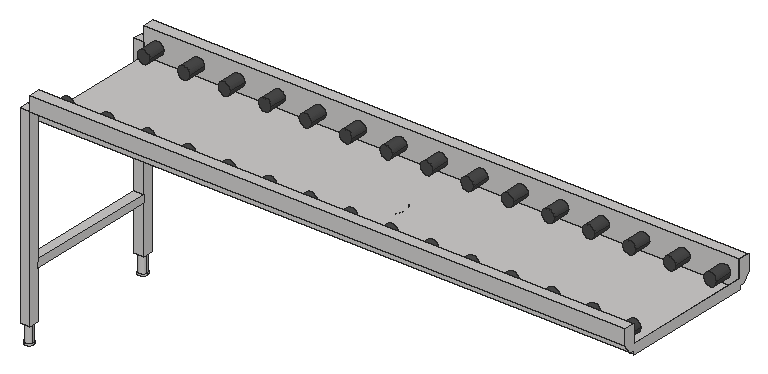
Revit family "QF_ELECTROLUXPROFESSIONAL_863010_HSSRC24", category Specialty Equipment, Revit 2018
Family settings
  Round Connector Dimension = Use Diameter
  Part Type = Normal
  Work Plane-Based = No
  Always vertical = Yes
  Cut with Voids When Loaded = No
  Shared = No
  Room Calculation Point = No
Parameters
  Weight = 0.00 kg
  Watts = 0 W
  Volts = 0 V
  URL Manufacturer = "http://professional.electrolux.com/"
  URL = "http://professional.electrolux.com/"
  Steam Supply Size = 0 mm
  Steam Supply Minimum Pressure = 0.0 Pa
  Steam Supply Maximum Pressure = 0.0 Pa
  Steam Pounds per Hour = 0
  Refrigeration Suction Line Size = 0 mm
  Refrigeration Liquid Line Size = 0 mm
  Refrigerant Compressor Remote = yes
  Manufacturer = "Electrolux"
  Phase = 0
  Model = "HSSRC24"
  Length Actual = 2400 mm  # constant formula
  Item Number = "863010"
  Hot Water Size = 0 mm
  Height Actual = 910 mm  # constant formula
  HP = "0 HP"
  Gas Size = 0 mm
  Gas KW = 0
  Gas Input Pressure = 0 W
  Description = "CONVEYOR, SHORT ROLLERS, L=2400 MM"
  Depth Actual = 620 mm  # constant formula
  Cycle = 0 Hz
  Condensate Return Size = 0 mm
  Compressed Air Volume = 0.0 L/s
  Compressed Air Size = 0 mm
  Compressed Air Pressure = 0.0 Pa
  Cold Water Size = 0 mm
  Accessory = yes
Reference planes
  plane 1 "Centro (Fronte/Retro)": y = 74.737
  plane 2: z = 0
  plane 3 "LEFT": x = -1038.761
  plane 4 "BACK": y = 384.737
  plane 5 "FRONT": y = -235.263
  plane 6: z = 910
  plane 7 "RIGHT": x = 1361.239
  plane 8: x = 191.239
Forms (mm)
  Extrusion 1, solid, material "QF_Finishes_Stainless Steel"
    sketch origin (0, 74.737, 0) x (1, 0, 0) y (0, 0, 1)
      loop
        line (-1079.929, 300) -> (-1079.929, 270) -> (-1039.929, 270) -> (-1039.929, 300) -> (-1079.929, 300)
    from -266.504 to 266.46
  Extrusion 2, solid, material "QF_Finishes_Stainless Steel"
    sketch origin (11.239, 0, 0) x (0, 1, 0) y (0, 0, 1)
      loop
        line (-235.263, 910) -> (-235.263, 850.033) -> (-190.242, 850.033) -> (-190.242, 910) -> (-235.263, 910)
      loop
        line (384.737, 910) -> (339.716, 910) -> (339.716, 850.033) -> (384.737, 850.033) -> (384.737, 910)
    from -1050 to 1348.8
  Extrusion 3, solid, material "QF_Finishes_Stainless Steel"
    sketch origin (11.239, 0, 0) x (0, 1, 0) y (0, 0, 1)
      loop
        line (-191.727, 850.033) -> (-191.727, 800.081) -> (341.245, 800.081) -> (341.245, 850.033) -> (339.716, 850.033) -> (339.716, 803.081) -> (-190.242, 803.081) -> (-190.242, 850.033) -> (-191.727, 850.033)
    from -1050 to 1348.8
  Extrusion 4, solid, material "QF_Finishes_Stainless Steel"
    sketch origin (2861.239, 723.253, 4000) x (0, 1, 0) y (0, 0, 1)
      loop
        line (-958.516, -3090) -> (-958.516, -3149.967) -> (-934.752, -3185.632) -> (-915.4, -3185.632) -> (-915.4, -3199.919) -> (-381.633, -3199.919) -> (-381.633, -3185.632) -> (-362.281, -3185.632) -> (-338.516, -3149.967) -> (-338.516, -3090) -> (-383.538, -3090) -> (-383.538, -3161.926) -> (-913.495, -3161.926) -> (-913.495, -3090) -> (-958.516, -3090)
    from -1500 to -1501.2
  Revolve 5, solid, material "QF_Finishes_Stainless Steel"
    sketch origin (160.981, 0, 0) x (0, 1, 0) y (0, 0, 1)
      loop
        line (74.737, 800.081) -> (12.53, 800.081) -> (12.319, 797.4) -> (12.319, 785.476) -> (17.293, 785.476) -> (17.293, 781.772)
        arc (17.293, 781.772) -> (20.266, 773.808) -> (27.77, 769.813) r 11.998
        line (27.77, 769.813) -> (74.737, 764.085) -> (74.737, 800.081)
      axis (74.737, 764.085) -> (74.737, 800.081)
    angle from 0 to 360
  Revolve 6, solid, material "QF_Finishes_Stainless Steel"
    sketch origin (190.981, -1524, 744.096) x (0, 0, 1) y (0, -1, 0)
      loop
        line (13.017, -1619.713) -> (30, -1619.713) -> (30, -1598.737) -> (0, -1598.737) -> (0, -1619.713) -> (2.434, -1622.253) -> (10.477, -1622.253) -> (13.017, -1619.713)
      axis (0, -1598.737) -> (30, -1598.737)
    angle from 0 to 360
  Extrusion 7, solid, material "QF_Finishes_Black"
    sketch origin (0, 74.737, 0) x (1, 0, 0) y (0, 0, 1)
      loop
        circle (-980.637, 850.115) r 25
      loop
        circle (-817.503, 850.115) r 25
      loop
        circle (-654.369, 850.115) r 25
      loop
        circle (-491.235, 850.115) r 25
      loop
        circle (-328.101, 850.115) r 25
      loop
        circle (324.435, 850.115) r 25
      loop
        circle (487.569, 850.115) r 25
      loop
        circle (813.837, 850.115) r 25
      loop
        circle (650.703, 850.115) r 25
      loop
        circle (1303.239, 850.115) r 25
      loop
        circle (976.971, 850.115) r 25
      loop
        circle (1140.105, 850.115) r 25
      loop
        circle (-164.967, 850.115) r 25
      loop
        circle (161.301, 850.115) r 25
      loop
        circle (-1.833, 850.115) r 25
    from 190.58 to 260.534
  Extrusion 8, solid, material "QF_Finishes_Black"
    sketch origin (0, 74.737, 0) x (1, 0, 0) y (0, 0, -1)
      loop
        circle (-980.637, -850.115) r 25
      loop
        circle (-817.503, -850.115) r 25
      loop
        circle (-654.369, -850.115) r 25
      loop
        circle (-491.235, -850.115) r 25
      loop
        circle (-328.101, -850.115) r 25
      loop
        circle (324.435, -850.115) r 25
      loop
        circle (487.569, -850.115) r 25
      loop
        circle (813.837, -850.115) r 25
      loop
        circle (650.703, -850.115) r 25
      loop
        circle (1303.239, -850.115) r 25
      loop
        circle (976.971, -850.115) r 25
      loop
        circle (1140.105, -850.115) r 25
      loop
        circle (-164.967, -850.115) r 25
      loop
        circle (161.301, -850.115) r 25
      loop
        circle (-1.833, -850.115) r 25
    from 190.58 to 260.534
Cuts and joins
  joined: Extrusion 2, Extrusion 3
Lines and regions (mm)
  Split face 1
    outline origin (2206.989, 339.716, 803.081) x (-1, 0, 0) y (0, -1, 0)
      loop
        circle (2047, 264.904) r 3.016
  Split face 2
    outline origin (2206.989, 339.716, 803.081) x (-1, 0, 0) y (0, -1, 0)
      loop
        circle (2047, 264.904) r 52.991
  Split face 3
    outline origin (2206.989, 339.716, 803.081) x (-1, 0, 0) y (0, -1, 0)
      loop
        circle (2047, 264.904) r 36.015
  Split face 4
    outline origin (2206.989, 339.716, 803.081) x (-1, 0, 0) y (0, -1, 0)
      loop
        circle (2047, 264.904) r 26.027
  Split face 5
    outline origin (2206.989, 339.716, 803.081) x (-1, 0, 0) y (0, -1, 0)
      loop
        circle (2047, 264.904) r 9.056
  Masking region 1
    outline origin (0, 0, 0) x (1, 0, 0) y (0, 1, 0)
      loop
        line (-1038.761, 384.737) -> (-1038.761, -235.263) -> (1361.239, -235.263) -> (1361.239, 384.737) -> (-1038.761, 384.737)
  symbolic lines
    curve 1: line (1361.239, 384.737, 0) -> (-1038.761, 384.737, 0)
    curve 2: line (-1038.761, 384.737, 0) -> (-1038.761, -235.263, 0)
    curve 3: line (-1038.761, 339.716, 0) -> (1361.239, 339.716, 0)
    curve 4: line (-1038.761, -235.263, 0) -> (1361.239, -235.263, 0)
    curve 5: line (1361.239, -235.263, 0) -> (1361.239, 384.737, 0)
    curve 6: line (1361.239, -190.242, 0) -> (-1038.761, -190.242, 0)
    curve 7: line (1361.239, 74.737, 0) -> (1331.239, 74.737, 0)
    curve 8: line (-1038.761, 74.737, 0) -> (-1008.761, 74.737, 0)
    curve 9: arc (161.315, 12.319, 0) -> (98.896, 74.737, 0) -> (161.315, 137.156, 0) r 62.418
    curve 10: arc (161.315, 137.156, 0) -> (223.733, 74.737, 0) -> (161.315, 12.319, 0) r 62.418
    curve 11: arc (191.315, 95.713, 0) -> (170.338, 74.737, 0) -> (191.315, 53.761, 0) r 20.976
    curve 12: arc (191.315, 53.761, 0) -> (212.291, 74.737, 0) -> (191.315, 95.713, 0) r 20.976
    curve 13: line (-955.637, -115.842, 0) -> (-1005.637, -115.842, 0)
    curve 14: line (-1005.637, -115.842, 0) -> (-1005.637, -185.797, 0)
    curve 15: line (-1005.637, -185.797, 0) -> (-955.637, -185.797, 0)
    curve 16: line (-955.637, -185.797, 0) -> (-955.637, -115.842, 0)
    curve 17: line (512.569, -115.842, 0) -> (462.569, -115.842, 0)
    curve 18: line (462.569, -115.842, 0) -> (462.569, -185.797, 0)
    curve 19: line (462.569, -185.797, 0) -> (512.569, -185.797, 0)
    curve 20: line (512.569, -185.797, 0) -> (512.569, -115.842, 0)
    curve 21: line (-842.503, -115.842, 0) -> (-792.503, -115.842, 0)
    curve 22: line (-792.503, -115.842, 0) -> (-792.503, -185.797, 0)
    curve 23: line (-792.503, -185.797, 0) -> (-842.503, -185.797, 0)
    curve 24: line (-842.503, -185.797, 0) -> (-842.503, -115.842, 0)
    curve 25: line (-629.369, -115.842, 0) -> (-679.369, -115.842, 0)
    curve 26: line (-679.369, -115.842, 0) -> (-679.369, -185.797, 0)
    curve 27: line (-679.369, -185.797, 0) -> (-629.369, -185.797, 0)
    curve 28: line (-629.369, -185.797, 0) -> (-629.369, -115.842, 0)
    curve 29: line (-466.235, -115.842, 0) -> (-516.235, -115.842, 0)
    curve 30: line (-516.235, -115.842, 0) -> (-516.235, -185.797, 0)
    curve 31: line (-516.235, -185.797, 0) -> (-466.235, -185.797, 0)
    curve 32: line (-466.235, -185.797, 0) -> (-466.235, -115.842, 0)
    curve 33: line (-303.101, -115.842, 0) -> (-353.101, -115.842, 0)
    curve 34: line (-353.101, -115.842, 0) -> (-353.101, -185.797, 0)
    curve 35: line (-353.101, -185.797, 0) -> (-303.101, -185.797, 0)
    curve 36: line (-303.101, -185.797, 0) -> (-303.101, -115.842, 0)
    curve 37: line (-139.967, -115.842, 0) -> (-189.967, -115.842, 0)
    curve 38: line (-189.967, -115.842, 0) -> (-189.967, -185.797, 0)
    curve 39: line (-189.967, -185.797, 0) -> (-139.967, -185.797, 0)
    curve 40: line (-139.967, -185.797, 0) -> (-139.967, -115.842, 0)
    curve 41: line (23.167, -115.842, 0) -> (-26.833, -115.842, 0)
    curve 42: line (-26.833, -115.842, 0) -> (-26.833, -185.797, 0)
    curve 43: line (-26.833, -185.797, 0) -> (23.167, -185.797, 0)
    curve 44: line (23.167, -185.797, 0) -> (23.167, -115.842, 0)
    curve 45: line (186.301, -115.842, 0) -> (136.301, -115.842, 0)
    curve 46: line (136.301, -115.842, 0) -> (136.301, -185.797, 0)
    curve 47: line (136.301, -185.797, 0) -> (186.301, -185.797, 0)
    curve 48: line (186.301, -185.797, 0) -> (186.301, -115.842, 0)
    curve 49: line (349.435, -115.842, 0) -> (299.435, -115.842, 0)
    curve 50: line (299.435, -115.842, 0) -> (299.435, -185.797, 0)
    curve 51: line (299.435, -185.797, 0) -> (349.435, -185.797, 0)
    curve 52: line (349.435, -185.797, 0) -> (349.435, -115.842, 0)
    curve 53: line (1328.239, -115.842, 0) -> (1278.239, -115.842, 0)
    curve 54: line (1278.239, -115.842, 0) -> (1278.239, -185.797, 0)
    curve 55: line (1278.239, -185.797, 0) -> (1328.239, -185.797, 0)
    curve 56: line (1328.239, -185.797, 0) -> (1328.239, -115.842, 0)
    curve 57: line (675.703, -115.842, 0) -> (625.703, -115.842, 0)
    curve 58: line (625.703, -115.842, 0) -> (625.703, -185.797, 0)
    curve 59: line (625.703, -185.797, 0) -> (675.703, -185.797, 0)
    curve 60: line (675.703, -185.797, 0) -> (675.703, -115.842, 0)
    curve 61: line (838.837, -115.842, 0) -> (788.837, -115.842, 0)
    curve 62: line (788.837, -115.842, 0) -> (788.837, -185.797, 0)
    curve 63: line (788.837, -185.797, 0) -> (838.837, -185.797, 0)
    curve 64: line (838.837, -185.797, 0) -> (838.837, -115.842, 0)
    curve 65: line (1001.971, -115.842, 0) -> (951.971, -115.842, 0)
    curve 66: line (951.971, -115.842, 0) -> (951.971, -185.797, 0)
    curve 67: line (951.971, -185.797, 0) -> (1001.971, -185.797, 0)
    curve 68: line (1001.971, -185.797, 0) -> (1001.971, -115.842, 0)
    curve 69: line (1165.105, -115.842, 0) -> (1115.105, -115.842, 0)
    curve 70: line (1115.105, -115.842, 0) -> (1115.105, -185.797, 0)
    curve 71: line (1115.105, -185.797, 0) -> (1165.105, -185.797, 0)
    curve 72: line (1165.105, -185.797, 0) -> (1165.105, -115.842, 0)
    curve 73: line (-955.637, 265.317, 0) -> (-1005.637, 265.317, 0)
    curve 74: line (-1005.637, 265.317, 0) -> (-1005.637, 335.271, 0)
    curve 75: line (-1005.637, 335.271, 0) -> (-955.637, 335.271, 0)
    curve 76: line (-955.637, 335.271, 0) -> (-955.637, 265.317, 0)
    curve 77: line (512.569, 265.317, 0) -> (462.569, 265.317, 0)
    curve 78: line (462.569, 265.317, 0) -> (462.569, 335.271, 0)
    curve 79: line (462.569, 335.271, 0) -> (512.569, 335.271, 0)
    curve 80: line (512.569, 335.271, 0) -> (512.569, 265.317, 0)
    curve 81: line (-842.503, 265.317, 0) -> (-792.503, 265.317, 0)
    curve 82: line (-792.503, 265.317, 0) -> (-792.503, 335.271, 0)
    curve 83: line (-792.503, 335.271, 0) -> (-842.503, 335.271, 0)
    curve 84: line (-842.503, 335.271, 0) -> (-842.503, 265.317, 0)
    curve 85: line (-629.369, 265.317, 0) -> (-679.369, 265.317, 0)
    curve 86: line (-679.369, 265.317, 0) -> (-679.369, 335.271, 0)
    curve 87: line (-679.369, 335.271, 0) -> (-629.369, 335.271, 0)
    curve 88: line (-629.369, 335.271, 0) -> (-629.369, 265.317, 0)
    curve 89: line (-466.235, 265.317, 0) -> (-516.235, 265.317, 0)
    curve 90: line (-516.235, 265.317, 0) -> (-516.235, 335.271, 0)
    curve 91: line (-516.235, 335.271, 0) -> (-466.235, 335.271, 0)
    curve 92: line (-466.235, 335.271, 0) -> (-466.235, 265.317, 0)
    curve 93: line (-303.101, 265.317, 0) -> (-353.101, 265.317, 0)
    curve 94: line (-353.101, 265.317, 0) -> (-353.101, 335.271, 0)
    curve 95: line (-353.101, 335.271, 0) -> (-303.101, 335.271, 0)
    curve 96: line (-303.101, 335.271, 0) -> (-303.101, 265.317, 0)
    curve 97: line (-139.967, 265.317, 0) -> (-189.967, 265.317, 0)
    curve 98: line (-189.967, 265.317, 0) -> (-189.967, 335.271, 0)
    curve 99: line (-189.967, 335.271, 0) -> (-139.967, 335.271, 0)
    curve 100: line (-139.967, 335.271, 0) -> (-139.967, 265.317, 0)
    curve 101: line (23.167, 265.317, 0) -> (-26.833, 265.317, 0)
    curve 102: line (-26.833, 265.317, 0) -> (-26.833, 335.271, 0)
    curve 103: line (-26.833, 335.271, 0) -> (23.167, 335.271, 0)
    curve 104: line (23.167, 335.271, 0) -> (23.167, 265.317, 0)
    curve 105: line (186.301, 265.317, 0) -> (136.301, 265.317, 0)
    curve 106: line (136.301, 265.317, 0) -> (136.301, 335.271, 0)
    curve 107: line (136.301, 335.271, 0) -> (186.301, 335.271, 0)
    curve 108: line (186.301, 335.271, 0) -> (186.301, 265.317, 0)
    curve 109: line (349.435, 265.317, 0) -> (299.435, 265.317, 0)
    curve 110: line (299.435, 265.317, 0) -> (299.435, 335.271, 0)
    curve 111: line (299.435, 335.271, 0) -> (349.435, 335.271, 0)
    curve 112: line (349.435, 335.271, 0) -> (349.435, 265.317, 0)
    curve 113: line (1328.239, 265.317, 0) -> (1278.239, 265.317, 0)
    curve 114: line (1278.239, 265.317, 0) -> (1278.239, 335.271, 0)
    curve 115: line (1278.239, 335.271, 0) -> (1328.239, 335.271, 0)
    curve 116: line (1328.239, 335.271, 0) -> (1328.239, 265.317, 0)
    curve 117: line (675.703, 265.317, 0) -> (625.703, 265.317, 0)
    curve 118: line (625.703, 265.317, 0) -> (625.703, 335.271, 0)
    curve 119: line (625.703, 335.271, 0) -> (675.703, 335.271, 0)
    curve 120: line (675.703, 335.271, 0) -> (675.703, 265.317, 0)
    curve 121: line (838.837, 265.317, 0) -> (788.837, 265.317, 0)
    curve 122: line (788.837, 265.317, 0) -> (788.837, 335.271, 0)
    curve 123: line (788.837, 335.271, 0) -> (838.837, 335.271, 0)
    curve 124: line (838.837, 335.271, 0) -> (838.837, 265.317, 0)
    curve 125: line (1001.971, 265.317, 0) -> (951.971, 265.317, 0)
    curve 126: line (951.971, 265.317, 0) -> (951.971, 335.271, 0)
    curve 127: line (951.971, 335.271, 0) -> (1001.971, 335.271, 0)
    curve 128: line (1001.971, 335.271, 0) -> (1001.971, 265.317, 0)
    curve 129: line (1165.105, 265.317, 0) -> (1115.105, 265.317, 0)
    curve 130: line (1115.105, 265.317, 0) -> (1115.105, 335.271, 0)
    curve 131: line (1115.105, 335.271, 0) -> (1165.105, 335.271, 0)
    curve 132: line (1165.105, 335.271, 0) -> (1165.105, 265.317, 0)
Dimensions and locks
  plane 3 "LEFT" to plane 7 "RIGHT" = 2400 mm
  equal spacing: plane 4 "BACK", plane 1 "Centro (Fronte/Retro)", plane 5 "FRONT"
  plane 4 "BACK" to plane 5 "FRONT" = 620 mm
  locked: Extrusion 7 sketch curve to plane 3 "LEFT" at 58.124
  locked: plane 7 "RIGHT" to Extrusion 7 sketch curve at 58
  aligned and locked: level to plane 2
  aligned and locked: Extrusion 2 to Extrusion 3
Automatic sketch dimensions
  curve 9 to curve 10 = 0 mm  (x2)
  curve 11 to curve 12 = 0 mm  (x2)
  curve 1 to plane 3 "LEFT" = 0 mm
  plane 1 "Centro (Fronte/Retro)" to curve 8 = 0 mm
  plane 1 "Centro (Fronte/Retro)" to curve 10 = 0 mm
  plane 1 "Centro (Fronte/Retro)" to curve 11 = 0 mm
  plane 1 "Centro (Fronte/Retro)" to curve 7 = 0 mm
  curve 6 to plane 7 "RIGHT" = 0 mm
  plane 5 "FRONT" to curve 4 = 0 mm
  curve 2 to plane 4 "BACK" = 0 mm
  plane 3 "LEFT" to curve 15 = 33.124 mm
  plane 3 "LEFT" to curve 75 = 33.124 mm
  curve 13 to curve 16 = 50 mm
  curve 73 to curve 73 = 50 mm
  curve 13 to curve 21 = 113.134 mm
  curve 83 to plane 4 "BACK" = 49.466 mm
  curve 75 to curve 83 = 113.134 mm
  curve 23 to curve 23 = 50 mm
  curve 81 to curve 81 = 50 mm
  curve 87 to plane 4 "BACK" = 49.466 mm
  curve 82 to curve 87 = 113.134 mm
  plane 5 "FRONT" to curve 27 = 49.466 mm
  curve 22 to curve 27 = 113.134 mm
  curve 86 to curve 87 = 50 mm
  curve 25 to curve 25 = 50 mm
  curve 90 to plane 4 "BACK" = 49.466 mm
  curve 87 to curve 90 = 113.134 mm
  plane 5 "FRONT" to curve 31 = 49.466 mm
  curve 27 to curve 31 = 113.134 mm
  curve 29 to curve 29 = 50 mm
  curve 90 to curve 92 = 50 mm
  curve 95 to plane 4 "BACK" = 49.466 mm
  curve 91 to curve 95 = 113.134 mm
  curve 29 to curve 33 = 113.134 mm
  curve 33 to curve 36 = 50 mm
  curve 94 to curve 95 = 50 mm
  plane 5 "FRONT" to curve 39 = 49.466 mm
  curve 35 to curve 39 = 113.134 mm
  curve 93 to curve 98 = 113.134 mm
  curve 97 to curve 100 = 50 mm
  curve 37 to curve 37 = 50 mm
  curve 37 to curve 41 = 113.134 mm
  curve 103 to plane 4 "BACK" = 49.466 mm
  curve 99 to curve 103 = 113.134 mm
  curve 101 to curve 104 = 50 mm
  curve 41 to curve 44 = 50 mm
  curve 47 to plane 8 = 54.938 mm
  curve 105 to plane 8 = 54.938 mm
  curve 10 to plane 8 = 29.924 mm
  curve 107 to plane 8 = 4.938 mm
  curve 45 to plane 8 = 4.938 mm
  plane 8 to curve 11 = 0.076 mm
  plane 5 "FRONT" to curve 51 = 49.466 mm
  plane 8 to curve 51 = 108.196 mm
  plane 8 to curve 109 = 108.196 mm
  curve 49 to curve 49 = 50 mm
  curve 109 to curve 109 = 50 mm
  plane 5 "FRONT" to curve 18 = 49.466 mm
  curve 51 to curve 18 = 113.134 mm
  curve 79 to plane 4 "BACK" = 49.466 mm
  curve 111 to curve 79 = 113.134 mm
  curve 78 to curve 79 = 50 mm
  curve 17 to curve 20 = 50 mm
  curve 119 to plane 4 "BACK" = 49.466 mm
  curve 79 to curve 119 = 113.134 mm
  curve 17 to curve 57 = 113.134 mm
  curve 117 to curve 120 = 50 mm
  curve 57 to curve 60 = 50 mm
  curve 57 to curve 61 = 113.134 mm
  curve 117 to curve 121 = 113.134 mm
  curve 61 to curve 61 = 50 mm
  curve 122 to curve 123 = 50 mm
  plane 5 "FRONT" to curve 66 = 49.466 mm
  curve 63 to curve 66 = 113.134 mm
  curve 121 to curve 125 = 113.134 mm
  curve 66 to curve 67 = 50 mm
  curve 125 to curve 125 = 50 mm
  curve 131 to plane 4 "BACK" = 49.466 mm
  curve 127 to curve 131 = 113.134 mm
  curve 65 to curve 69 = 113.134 mm
  curve 70 to curve 72 = 50 mm
  curve 129 to curve 129 = 50 mm
  curve 54 to plane 7 "RIGHT" = 83 mm
  curve 115 to plane 7 "RIGHT" = 83 mm
  curve 56 to plane 7 "RIGHT" = 33 mm
  curve 115 to plane 7 "RIGHT" = 33 mm
  plane 5 "FRONT" to curve 71 = 49.466 mm
  plane 5 "FRONT" to curve 59 = 49.466 mm
  plane 5 "FRONT" to curve 36 = 49.466 mm
  plane 5 "FRONT" to curve 56 = 49.466 mm
  plane 5 "FRONT" to curve 64 = 49.466 mm
  plane 5 "FRONT" to curve 48 = 49.466 mm
  plane 5 "FRONT" to curve 14 = 49.466 mm
  plane 5 "FRONT" to curve 44 = 49.466 mm
  plane 5 "FRONT" to curve 22 = 49.466 mm
  curve 30 to curve 30 = 69.954 mm
  curve 35 to curve 33 = 69.954 mm
  curve 27 to curve 28 = 69.954 mm
  curve 66 to curve 66 = 69.954 mm
  curve 39 to curve 37 = 69.954 mm
  curve 23 to curve 24 = 69.954 mm
  curve 43 to curve 41 = 69.954 mm
  curve 19 to curve 20 = 69.954 mm
  curve 47 to curve 45 = 69.954 mm
  curve 15 to curve 16 = 69.954 mm
  curve 51 to curve 49 = 69.954 mm
  curve 62 to curve 61 = 69.954 mm
  curve 55 to curve 53 = 69.954 mm
  curve 59 to curve 57 = 69.954 mm
  curve 71 to curve 69 = 69.954 mm
  curve 132 to curve 131 = 69.954 mm
  curve 128 to curve 129 = 0 mm
  curve 73 to plane 4 "BACK" = 119.42 mm
  curve 124 to curve 125 = 0 mm
  curve 77 to curve 79 = 69.954 mm
  curve 120 to curve 119 = 69.954 mm
  curve 81 to curve 83 = 69.954 mm
  curve 116 to plane 4 "BACK" = 119.42 mm
  curve 85 to curve 87 = 69.954 mm
  curve 112 to curve 77 = 0 mm
  curve 89 to curve 91 = 69.954 mm
  curve 108 to curve 109 = 0 mm
  curve 93 to curve 95 = 69.954 mm
  curve 104 to curve 103 = 69.954 mm
  curve 97 to curve 101 = 0 mm
  curve 100 to plane 4 "BACK" = 49.466 mm
  curve 106 to plane 4 "BACK" = 49.466 mm
  curve 110 to plane 4 "BACK" = 49.466 mm
  curve 114 to plane 4 "BACK" = 49.466 mm
  curve 76 to plane 4 "BACK" = 49.466 mm
  curve 122 to plane 4 "BACK" = 49.466 mm
  curve 126 to plane 4 "BACK" = 49.466 mm
  curve 8 to curve 8 = 30 mm
  curve 7 to plane 7 "RIGHT" = 30 mm
  curve 6 to curve 55 = 4.445 mm
  curve 9 to curve 9 = 62.418 mm
  curve 11 to curve 11 = 20.976 mm
  curve 74 to curve 3 = 4.445 mm
  Extrusion 1 sketch curve to plane 3 "LEFT" = 41.168 mm
  Extrusion 1 sketch curve to plane 3 "LEFT" = 1.168 mm
  level to Extrusion 1 sketch curve = 270 mm
  Extrusion 1 sketch curve to Extrusion 1 sketch curve = 30 mm
  Extrusion 2 sketch curve to plane 5 "FRONT" = 0 mm
  Extrusion 2 sketch curve to plane 6 = 0 mm  (x2)
  Extrusion 2 sketch curve to plane 4 "BACK" = 0 mm
  plane 5 "FRONT" to Extrusion 2 sketch curve = 45.021 mm
  Extrusion 2 sketch curve to plane 4 "BACK" = 45.021 mm
  Extrusion 2 sketch curve to Extrusion 2 sketch curve = 59.967 mm  (x2)
  plane 5 "FRONT" to Extrusion 3 sketch curve = 43.536 mm
  Extrusion 3 sketch curve to Extrusion 3 sketch curve = 1.486 mm
  Extrusion 3 sketch curve to plane 4 "BACK" = 45.021 mm
  Extrusion 3 sketch curve to Extrusion 3 sketch curve = 1.529 mm
  Extrusion 3 sketch curve to plane 6 = 109.919 mm
  Extrusion 3 sketch curve to Extrusion 3 sketch curve = 3 mm
  Extrusion 3 sketch curve to Extrusion 3 sketch curve = 46.952 mm  (x2)
  cut or joined group of Extrusion 2, Extrusion 3 to Split face 1 sketch curve = 264.904 mm
  Split face 1 sketch curve to cut or joined group of Extrusion 2, Extrusion 3 = 1198.75 mm
  cut or joined group of Extrusion 2, Extrusion 3 to Split face 2 sketch curve = 264.904 mm
  Split face 2 sketch curve to cut or joined group of Extrusion 2, Extrusion 3 = 1198.75 mm
  cut or joined group of Extrusion 2, Extrusion 3 to Split face 3 sketch curve = 264.904 mm
  Split face 3 sketch curve to cut or joined group of Extrusion 2, Extrusion 3 = 1198.75 mm
  cut or joined group of Extrusion 2, Extrusion 3 to Split face 4 sketch curve = 264.904 mm
  Split face 4 sketch curve to cut or joined group of Extrusion 2, Extrusion 3 = 1198.75 mm
  cut or joined group of Extrusion 2, Extrusion 3 to Split face 5 sketch curve = 264.904 mm
  Split face 5 sketch curve to cut or joined group of Extrusion 2, Extrusion 3 = 1198.75 mm
  Masking region 1 sketch curve to plane 3 "LEFT" = 0 mm
  plane 5 "FRONT" to Masking region 1 sketch curve = 0 mm
  Masking region 1 sketch curve to plane 7 "RIGHT" = 0 mm
  Masking region 1 sketch curve to plane 4 "BACK" = 0 mm
  Extrusion 4 sketch curve to plane 5 "FRONT" = 0 mm
  Extrusion 4 sketch curve to plane 6 = 0 mm  (x2)
  Extrusion 4 sketch curve to plane 4 "BACK" = 0 mm
  plane 5 "FRONT" to Extrusion 4 sketch curve = 23.764 mm
  Extrusion 4 sketch curve to Extrusion 4 sketch curve = 19.352 mm  (x2)
  plane 5 "FRONT" to Extrusion 4 sketch curve = 45.021 mm
  Extrusion 4 sketch curve to plane 4 "BACK" = 45.021 mm
  Extrusion 4 sketch curve to Extrusion 4 sketch curve = 1.905 mm
  Extrusion 4 sketch curve to Extrusion 4 sketch curve = 59.967 mm  (x2)
  Extrusion 4 sketch curve to Extrusion 4 sketch curve = 11.959 mm
  Extrusion 4 sketch curve to Extrusion 4 sketch curve = 23.706 mm  (x2)
  Extrusion 4 sketch curve to Extrusion 4 sketch curve = 14.287 mm
  Revolve 5 sketch curve to plane 1 "Centro (Fronte/Retro)" = 0 mm  (x2)
  plane 1 "Centro (Fronte/Retro)" to Revolve 5 sketch curve = 45.447 mm
  Revolve 5 sketch curve to Revolve 5 sketch curve = 1.52 mm
  Revolve 5 sketch curve to Revolve 5 sketch curve = 11.998 mm
  Revolve 5 sketch curve to Revolve 5 sketch curve = 4.762 mm
  Revolve 5 sketch curve to Revolve 5 sketch curve = 4.974 mm
  Revolve 5 sketch curve to plane 6 = 145.915 mm
  Revolve 5 sketch curve to Revolve 5 sketch curve = 5.727 mm
  Revolve 5 sketch curve to Revolve 5 sketch curve = 11.901 mm
  Revolve 5 sketch curve to Revolve 5 sketch curve = 3.704 mm
  Revolve 5 sketch curve to Revolve 5 sketch curve = 11.924 mm
  Revolve 5 sketch curve to Revolve 5 sketch curve = 2.681 mm
  Revolve 5 sketch curve to Revolve 5 sketch curve = 3 mm
  Revolve 5 sketch curve to Revolve 5 sketch curve = 14.991 mm
  Revolve 6 sketch curve to plane 1 "Centro (Fronte/Retro)" = 0 mm  (x2)
  Revolve 6 sketch curve to plane 1 "Centro (Fronte/Retro)" = 20.976 mm
  Revolve 6 sketch curve to plane 6 = 165.904 mm
  Revolve 6 sketch curve to plane 1 "Centro (Fronte/Retro)" = 23.516 mm
  Revolve 6 sketch curve to Revolve 6 sketch curve = 2.434 mm
  Revolve 6 sketch curve to Revolve 6 sketch curve = 8.043 mm
  Revolve 6 sketch curve to Revolve 6 sketch curve = 2.54 mm  (x2)
  Revolve 6 sketch curve to Revolve 6 sketch curve = 16.983 mm
  Revolve 6 sketch curve to Revolve 6 sketch curve = 3.127 mm
  Revolve 6 sketch curve to Revolve 6 sketch curve = 7.343 mm
  Extrusion 7 sketch curve to plane 6 = 59.885 mm  (x15)
  Extrusion 7 sketch curve to Extrusion 7 sketch curve = 163.134 mm  (x11)
  Extrusion 7 sketch curve to plane 8 = 29.938 mm
  plane 8 to Extrusion 7 sketch curve = 133.196 mm
  plane 3 "LEFT" to Extrusion 8 sketch curve = 58.124 mm
  Extrusion 8 sketch curve to plane 6 = 59.885 mm  (x15)
  Extrusion 8 sketch curve to Extrusion 8 sketch curve = 163.134 mm  (x11)
  Extrusion 8 sketch curve to plane 8 = 29.938 mm
  plane 8 to Extrusion 8 sketch curve = 133.196 mm
  Extrusion 8 sketch curve to plane 7 "RIGHT" = 58 mm
  radius of Split face 1 sketch curve = 3.016 mm
  radius of Split face 2 sketch curve = 52.991 mm
  radius of Split face 3 sketch curve = 36.015 mm
  radius of Split face 4 sketch curve = 26.027 mm
  radius of Split face 5 sketch curve = 9.056 mm
  radius of Extrusion 7 sketch curve = 25 mm  (x15)
  radius of Extrusion 8 sketch curve = 25 mm  (x15)
Nested families
  nested 1: "Foot_40x40" at (-1059.929, -211.771, 0), type "Foot_40x40"
    with A 850.033 mm
  nested 2: "Foot_40x40" at (-1059.929, 361.245, 0), type "Foot_40x40"
    with A 850.033 mm
Connectors
  piping at (190.981, 74.737, 744.096), diameter 30
    settings: on Revolve 6, index 5, connector inside diameter 609.6 mm, connector length 0 mm, flow factor 0, pipe flow 0.0 L/s, pressure drop 0.0 Pa, fitting loss kfactor 0, connector angle 0.00°, fixture units 0, engagement length 0 mm, angle of deflection 0.00°, flow configuration 1, flow direction 2, fitting loss method 0, system type 16, joint type 0, gender type 0, connector reference index -1, connector utility 0, adjustable connector no, is connector primary yes, connector description ""
Definition of nested family "Foot_40x40"
  Parameters
    A [instance] = 850 mm
  Reference planes
    plane 1 "Centro (Fronte/Retro)": y = 0
    plane 2: z = 0
    plane 3 "Centro (Sinistra/Destra)": x = 0
    plane 4: z = 850
  Forms (mm)
    Extrusion 1, solid
      sketch origin (0, 0, 0) x (1, 0, 0) y (0, 1, 0)
        loop
          circle (0, 0) r 18
      from 0 to 5
    Extrusion 2, solid
      sketch origin (0, 0, 5) x (1, 0, 0) y (0, 1, 0)
        loop
          circle (0, 0) r 15
      from 0 to 70
    Extrusion 3, solid
      sketch origin (0, 0, 75) x (1, 0, 0) y (0, 1, 0)
        loop
          line (-20, 20) -> (-20, -20) -> (20, -20) -> (20, 20) -> (-20, 20)
      from 0 to 775
  Dimensions and locks
    "A": plane 4 to plane 2
    aligned and locked: level to plane 2
    aligned and locked: plane 4 to Extrusion 3
    aligned and locked: Extrusion 1 to level
  Automatic sketch dimensions
    plane 1 "Centro (Fronte/Retro)" to Extrusion 1 sketch curve = 0 mm
    Extrusion 1 sketch curve to plane 3 "Centro (Sinistra/Destra)" = 0 mm
    Extrusion 3 sketch curve to Extrusion 3 sketch curve = 40 mm  (x2)
    radius of Extrusion 1 sketch curve = 18 mm
    radius of Extrusion 2 sketch curve to Extrusion 1 = 3 mm
